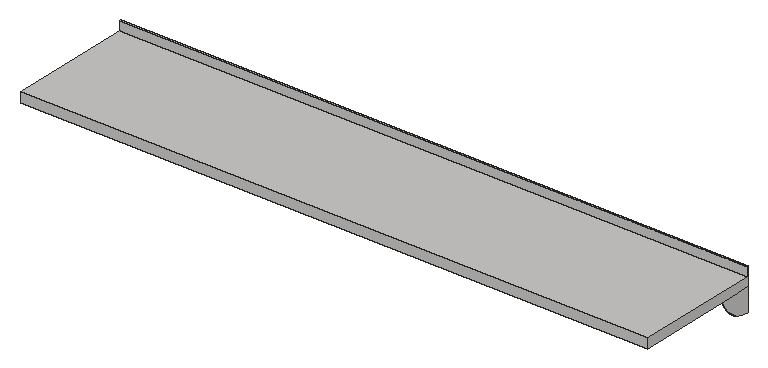
Revit family "QF_ELECTROLUXPROFESSIONAL_132828_WSS204N", category Attrezzature speciali, Revit 2020
Family settings
  Quota connettore circolare = Usa diametro
  Tipo di parte = Normale
  Basato su piano di lavoro = No
  Sempre verticale = Sì
  Taglio con vuoti quando caricato = No
  Condiviso = No
  Punto di calcolo locali = No
Parameters (values of type "Standard")
  Weight = 10.00 kg
  Watts = 0 W
  Volts = 0 V
  URL Manufacturer = "https://www.electroluxprofessional.com/"
  URL = "https://www.electroluxprofessional.com/"
  Steam Supply Size = 0 mm
  Steam Supply Minimum Pressure = 0.0 Pa
  Steam Supply Maximum Pressure = 0.0 Pa
  Steam Consumption per Hour = 0
  Refrigeration Suction Line Size = 0.0 mm
  Refrigeration Liquid Line Size = 0.0 mm
  Refrigerant Compressor Remote = yes
  Prospetto di default = 0.0 mm
  Produttore = "Electrolux Professional"
  Phase = 0
  Modello = "WSS204N"
  Length Actual = 2000.0 mm  # constant formula
  Item Number = "132828"
  Hot Water Size = 0 mm
  Height Actual = 30.0 mm  # constant formula
  HP = "0 HP"
  Gas Size = 0 mm
  Gas KW = 0
  Gas Input Pressure = 0 W
  Direct Waste Size = 0 mm
  Descrizione = "SOLID WALL SHELF WITH BRACKETS 2000 MM"
  Depth Actual = 400.0 mm  # constant formula
  Cycle = 0 Hz
  Condensate Return Size = 0 mm
  Compressed Air Volume = 0.0 L/s
  Compressed Air Size = 0 mm
  Compressed Air Pressure = 0.0 Pa
  Cold Water Size = 0 mm
  Accessory = yes
Reference planes
  plane 1 "Center (Front/Back)": y = 0
  plane 2: z = 0
  plane 3 "Center (Left/Right)": x = -500
  plane 4 "LEFT": x = -1500
  plane 5 "RIGHT": x = 500
  plane 6 "BACK": y = 50
  plane 7 "FRONT": y = -350
  plane 8 "TOP": z = 132
  plane 9: z = 102
  plane 10: z = 72
Forms (mm)
  Extrusion 1, solid, material "QF_Finishes_Stainless Steel"
    sketch origin (-500, 0, 0) x (0, 1, 0) y (0, 0, 1)
      loop
        line (48, 102) -> (-350, 102) -> (-350, 72) -> (50, 72) -> (50, 132) -> (48, 132) -> (48, 102)
    from 1000 to -1000
  Extrusion 2, solid, material "QF_Finishes_Stainless Steel"
    sketch origin (-1500, 0, 0) x (0, 1, 0) y (0, 0, 1)
      loop
        line (50, 72) -> (-50, 72)
        arc (-50, 72) -> (-13.401, 19.967) -> (47, 0) r 101.34
        line (47, 0) -> (50, 0) -> (50, 72)
    from 0 to 3
  Extrusion 3, solid, material "QF_Finishes_Stainless Steel"
    sketch origin (500, 0, 0) x (0, 1, 0) y (0, 0, 1)
      loop
        line (50, 72) -> (-50, 72)
        arc (-50, 72) -> (-13.401, 19.967) -> (47, 0) r 101.34
        line (47, 0) -> (50, 0) -> (50, 72)
    from 0 to -3
  Extrusion 4, solid, material "QF_Finishes_Stainless Steel"
    sketch origin (0, 50, 0) x (-1, 0, 0) y (0, 0, 1)
      loop
        line (1497, 72) -> (1470, 72) -> (1470, 0) -> (1497, 0) -> (1497, 72)
      loop
        arc (1478.5, 10) -> (1475.5, 7) -> (1478.5, 4) r 3
        line (1478.5, 4) -> (1488.5, 4)
        arc (1488.5, 4) -> (1491.5, 7) -> (1488.5, 10) r 3
        line (1488.5, 10) -> (1478.5, 10)
    from 0 to -3
  Extrusion 5, solid, material "QF_Finishes_Stainless Steel"
    sketch origin (0, 50, 0) x (1, 0, 0) y (0, 0, -1)
      loop
        line (497, -72) -> (497, 0) -> (470, 0) -> (470, -72) -> (497, -72)
      loop
        line (478.5, -10) -> (488.5, -10)
        arc (488.5, -10) -> (491.5, -7) -> (488.5, -4) r 3
        line (488.5, -4) -> (478.5, -4)
        arc (478.5, -4) -> (475.5, -7) -> (478.5, -10) r 3
    from 0 to -3
Lines and regions (mm)
  symbolic lines
    curve 1: line (500, 50, 132) -> (-1500, 50, 132)
    curve 2: line (-1500, 50, 132) -> (-1500, -350, 132)
    curve 3: line (-1500, -350, 132) -> (500, -350, 132)
    curve 4: line (500, -350, 132) -> (500, 50, 132)
    curve 5: line (500, 48, 132) -> (-1500, 48, 132)
Dimensions and locks
  plane 4 "LEFT" to plane 5 "RIGHT" = 2000.0 mm
  equal spacing: plane 4 "LEFT", plane 3 "Center (Left/Right)", plane 5 "RIGHT"
  locked: plane 8 "TOP" to level at 132
  plane 6 "BACK" to plane 7 "FRONT" = 400.0 mm
  plane 6 "BACK" to plane 1 "Center (Front/Back)" to plane 7 "FRONT" = 50.0 mm, 350.0 mm
  locked: plane 8 "TOP" to plane 9 at 30
  plane 9 to plane 10 = 30.0 mm
  locked: Extrusion 4 sketch curve to Extrusion 2 at 27
  aligned and locked: level to plane 2
  aligned and locked: Extrusion 1 to plane 4 "LEFT"
  aligned and locked: plane 5 "RIGHT" to Extrusion 1
  aligned and locked: curve 2 to plane 4 "LEFT"
  aligned and locked: Extrusion 1 sketch curve to plane 9
  aligned and locked: Extrusion 4 sketch curve to Extrusion 2
  aligned and locked: Extrusion 4 sketch curve to Extrusion 1
  aligned and locked: Extrusion 4 sketch curve to level
  aligned and locked: plane 6 "BACK" to Extrusion 3 sketch curve
  aligned and locked: Extrusion 3 sketch curve to plane 10
  aligned and locked: Extrusion 3 sketch curve to level
  aligned and locked: plane 6 "BACK" to Extrusion 2 sketch curve
  aligned and locked: Extrusion 2 sketch curve to plane 10
  aligned and locked: Extrusion 2 sketch curve to level
Automatic sketch dimensions
  Extrusion 1 sketch curve to plane 7 "FRONT" = 0.0 mm
  Extrusion 1 sketch curve to plane 8 "TOP" = 0.0 mm
  Extrusion 1 sketch curve to plane 6 "BACK" = 0.0 mm
  Extrusion 1 sketch curve to plane 10 = 0.0 mm
  Extrusion 1 sketch curve to plane 6 "BACK" = 2.0 mm
  Extrusion 2 sketch curve to Extrusion 2 sketch curve = 3.0 mm
  plane 1 "Center (Front/Back)" to Extrusion 2 sketch curve = 50.0 mm
  Extrusion 3 sketch curve to Extrusion 3 sketch curve = 3.0 mm
  plane 1 "Center (Front/Back)" to Extrusion 3 sketch curve = 50.0 mm
  Extrusion 4 sketch curve to Extrusion 4 sketch curve = 8.5 mm
  Extrusion 4 sketch curve to Extrusion 4 sketch curve = 10.0 mm
  level to Extrusion 4 sketch curve = 4.0 mm
  Extrusion 4 sketch curve to Extrusion 4 sketch curve = 3.0 mm
  curve 3 to plane 7 "FRONT" = 0.0 mm
  curve 5 to plane 5 "RIGHT" = 0.0 mm
  curve 4 to plane 6 "BACK" = 0.0 mm
  curve 5 to plane 6 "BACK" = 2.0 mm
  Extrusion 5 sketch curve to plane 10 = 0.0 mm
  Extrusion 5 sketch curve to level = 0.0 mm
  plane 5 "RIGHT" to Extrusion 5 sketch curve = 30.0 mm
  Extrusion 5 sketch curve to Extrusion 5 sketch curve = 8.5 mm
  Extrusion 5 sketch curve to Extrusion 5 sketch curve = 10.0 mm
  plane 5 "RIGHT" to Extrusion 5 sketch curve = 3.0 mm
  Extrusion 5 sketch curve to level = 4.0 mm
  Extrusion 5 sketch curve to Extrusion 5 sketch curve = 3.0 mm
